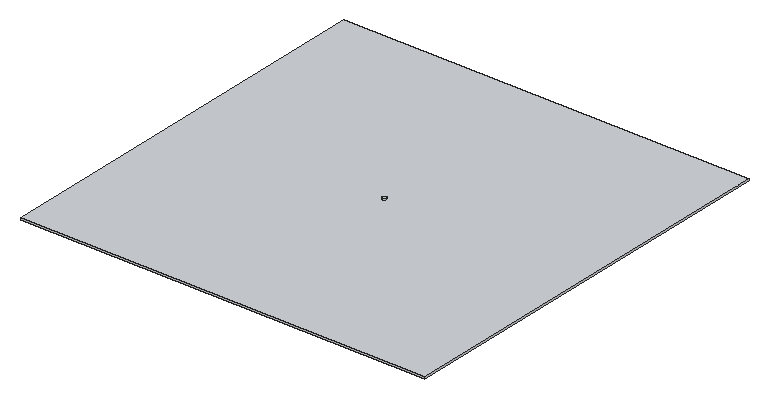
Revit family "GPC-HWFU", category Plumbing Equipment, host Face, Revit 2025
Family settings
  Host = Face
  Round Connector Dimension = Use Radius
  Classification = None
  Part Type = Normal
  OmniClass Number = 23.45.05.21.11.11
  OmniClass Title = Water Operated Water Closets
  Cut with Voids When Loaded = No
  Maintain Annotation Orientation = No
  Shared = No
  Room Calculation Point = No
Parameters (values of type "6 UDG")
  WFU = 3
  HWFU = 0
  Flow Pressure [instance] = 25.00 psi
  Cold Water Diameter [instance] = Cold Water Radius * 2  # 1"
  Cold Water Radius [instance] = 1/2"
  Pipe Material = none
  Default Elevation = 1' - 5"
  CWFU = 6
  Assembly Code = ""
Types (12): name | WFU | CWFU
  6 UDG | 3 | 6
  10 UDG | 4 | 10
  3 UDG | 3 | 3
  4.5 UDG | 3 | 4.5
  5 UDG | 3 | 5
  2 UDG | 3 | 2
  1 UDG | 3 | 1
  1.5 UDG | 3 | 1.5
  Public - 1.6 gpf | 4 | 10
  Private - 1.6 gpf | 3 | 6
  Private - Flushing Greater than 1.6 gpf | 4 | 6
  Public - Flushing Greater than 1.6 gpf | 6 | 10
Reference planes (in)
  plane 1 "Center (Front/Back)": y = 0
  plane 2: z = 0
  plane 3 "Center (Left/Right)": x = 0
Forms (in)
  Extrusion 1, solid
    sketch origin (0, 0, 0) x (1, 0, 0) y (0, 1, 0)
      loop
        line (-48, 48) -> (-48, -48) -> (48, -48) -> (48, 48) -> (-48, 48)
    from 0 to -0.39453
  Extrusion 2, solid, material <- "Pipe Material"
    sketch origin (15.94107, -25.42564, 0) x (0, 1, 0) y (-1, 0, 0)
      loop
        circle (25.42564, 15.94107) r 0.5
    from 0.11719 to 0
Lines and regions (in)
  reference lines
    curve 1: line (2.5, -7.75857, 0) -> (-2.5, -7.75857, 0)
    curve 2: line (0, -12.25857, 0) -> (0, 2.24143, 0)
Dimensions and locks (in)
  plane 1 "Center (Front/Back)" to Extrusion 2 = 0' - 0"
  "Cold Water Radius": radius of Extrusion 2 sketch curve
  aligned and locked: plane 2 to Extrusion 1
  aligned and locked: level to Extrusion 1
Automatic sketch dimensions
  Extrusion 1 sketch curve to Extrusion 1 sketch curve = 8' - 0"  (x2)
  curve 2 to plane 3 "Center (Left/Right)" = 0' - 0"
  plane 1 "Center (Front/Back)" to curve 2 = 1' - 0.25857"
  curve 1 to plane 3 "Center (Left/Right)" = 0' - 2 1/2"
  curve 2 to curve 1 = 0' - 4 1/2"
  curve 2 to plane 1 "Center (Front/Back)" = 0' - 2.24143"
  plane 3 "Center (Left/Right)" to curve 1 = 0' - 2 1/2"
  plane 1 "Center (Front/Back)" to Extrusion 2 sketch curve = 0' - 0"
  Extrusion 2 sketch curve to plane 3 "Center (Left/Right)" = 0' - 0"
Connectors (in)
  piping at (0, 0, 0), diameter 1, driven by "CWFU", driven by "Cold Water Radius", driven by "Flow Pressure"
    settings: on Extrusion 2, index 1, connector inside diameter 1", connector length 0' - 0", flow factor 0, pipe flow 0 GPM, pressure drop 25.00 psi, fitting loss kfactor 0, connector angle 0.00°, fixture units 6, engagement length 0' - 0", angle of deflection 0.00°, flow configuration 3, flow direction 1, fitting loss method 4, system type 19, joint type 0, gender type 0, connector reference index -1, connector utility 0, adjustable connector no, is connector primary yes, connector description "In"
